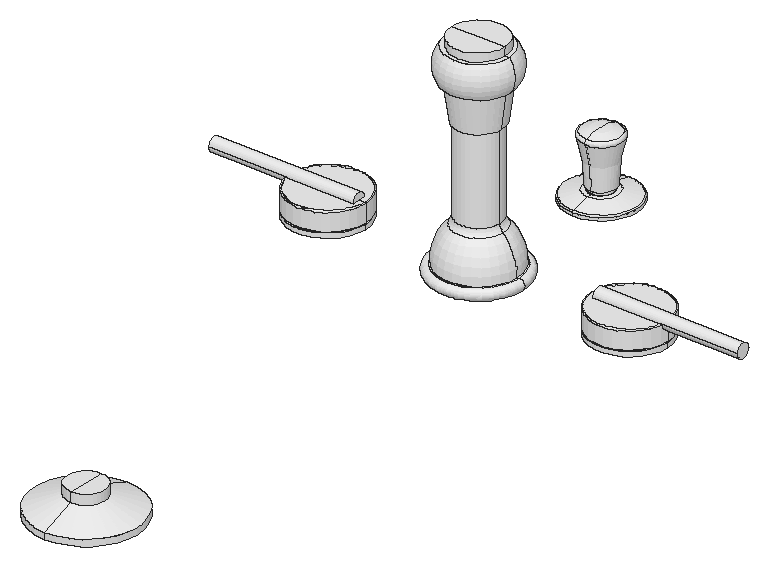
Revit family "Faucet-Bidet-DXV-Rem-D35100330_Series", category Plumbing Fixtures, Revit 2014
Parameters (values of type "D35100330.100")
  Width = 8"
  Waste Connection = yes
  Warranty Documentation Link = "https://www.dxv.com/-/media/files/dxv/warranty/dxv_warranty_booklet.ashx"
  WFU = 2  # constant formula
  Vent Connection = no
  URL = "http://www.dxv.com/"
  Tempered Water Connection Radius = 1/4"
  Tempered Water Connection Diameter = Tempered Water Connection Radius * 2  # 1/2"
  Revised Date = "26/09/2017"  # constant formula
  Product Page URL = "http://www.dxv.com/Product/rem-bidet-faucet"
  Product Documentation Link = "https://dxv01.blob.core.windows.net/dxv-product-pdf-files/spec_D35100330_DXV_Rem_bidet_faucet_EN.pdf"
  Price = "Prices may vary. Please consult Manufacturer Representative for most up-to-date price list."  # constant formula
  Model = "D35100330.100"
  Material = "Metal-DXV-100-Polished Chrome"
  Manufacturer = "DXV"  # constant formula
  Length = 13"  # constant formula
  Installation Type = "Deck Mounted"  # constant formula
  Hot Water Connection Diameter = 1/2"  # constant formula
  Height = 5 5/8"  # constant formula
  HWFU = 1.5  # constant formula
  HW Connection = yes
  Finish = Metal-DXV-100-Polished Chrome
  Description = "Rem 3-Hole Bidet Faucet"  # constant formula
  Default Elevation = 0"
  Creation Date = "07/02/2014"  # constant formula
  Cold Water Connection Diameter = 1/2"  # constant formula
  CWFU = 1.5  # constant formula
  CW Connection = yes
  Assembly Code = "D2020300"
  ADA Compliant = yes
Types (3): name | Model | Material | Finish
  (no name) | "D35100330.100" | "Metal-DXV-100-Polished Chrome" | Metal-DXV-100-Polished Chrome
  D35100330.144 | "D35100330.144" | "Metal-DXV-144-Brushed Nickel" | Metal-DXV-144-Brushed Nickel
  D35100330.100 | "D35100330.100" | "Metal-DXV-100-Polished Chrome" | Metal-DXV-100-Polished Chrome
Reference planes (in)
  plane 1 "Center (Front/Back)": y = 0
  plane 2: z = 0
  plane 3 "Center (Left/Right)": x = 0
  plane 4: y = -13
  plane 5: y = 4.0625
  plane 6: y = 3.125
  plane 7: y = 5
  plane 8: x = 1.21875
  plane 9: x = -1.21875
  plane 10: z = 5.625
  plane 11: z = 0.75
  plane 12: y = -1
  plane 13: y = 1
  plane 14: x = -4
  plane 15: x = 4
  plane 16: x = -5
  plane 17: x = -3
  plane 18: x = -6.99896
  plane 19: x = 5
  plane 20: x = 3
  plane 21: x = 6.99896
  plane 22: z = 0.62958
Forms (in)
  Revolve 1, solid, material "Metal-DXV-100-Polished Chrome" <- "Finish"
    sketch origin (0, 0.0625, 0) x (0, 1, 0) y (0, 0, 1)
      loop
        line (4, 0) -> (4, 1.70874)
        arc (4, 1.70874) -> (3.75472, 1.68489) -> (3.51864, 1.61422) r 1.27288
        arc (3.51864, 1.61422) -> (3.47233, 1.56976) -> (3.46902, 1.50565) r 0.08716
        arc (3.46902, 1.50565) -> (3.60619, 0.93334) -> (3.63835, 0.3457) r 3.26404
        line (3.63835, 0.3457) -> (3.70923, 0.3457) -> (3.70923, 0.24172) -> (3.6669, 0.24172)
        arc (3.6669, 0.24172) -> (3.61454, 0.23851) -> (3.56295, 0.22896) r 0.42989
        line (3.56295, 0.22896) -> (3.08739, 0.11045)
        arc (3.08739, 0.11045) -> (3.06946, 0.09881) -> (3.0625, 0.0786) r 0.03283
        line (3.0625, 0.0786) -> (3.0625, 0) -> (4, 0)
      axis (4, 0) -> (4, 1.70874)
    angle from 0 to 360
  Revolve 2, solid, material "Metal-DXV-100-Polished Chrome" <- "Finish"
    sketch origin (0, 5, 0) x (0, 1, 0) y (0, 0, 1)
      loop
        line (-18, 0.75) -> (-18.5, 0.75) -> (-18.5, 0.5) -> (-19.36161, 0.16926) -> (-19.36161, 0) -> (-18, 0) -> (-18, 0.75)
      axis (-18, 0) -> (-18, 0.75)
    angle from 0 to 360
  Revolve 3, solid, material "Metal-DXV-100-Polished Chrome" <- "Finish"
    sketch origin (0, 0, 0) x (1, 0, 0) y (0, 0, 1)
      loop
        line (0, 0) -> (0, 5.625) -> (-0.69991, 5.625) -> (-0.69991, 5.41878) -> (-0.81769, 5.41878)
        arc (-0.81769, 5.41878) -> (-0.97582, 5.01667) -> (-0.86318, 4.59952) r 0.68845
        line (-0.86318, 4.59952) -> (-0.74944, 4.59952) -> (-0.61527, 3.64482) -> (-0.56193, 3.64482) -> (-0.56193, 1.39312)
        arc (-0.56193, 1.39312) -> (-0.58316, 1.28847) -> (-0.64348, 1.20036) r 0.26859
        arc (-0.64348, 1.20036) -> (-0.92943, 0.76894) -> (-1.00941, 0.25757) r 1.2125
        line (-1.00941, 0.25757) -> (-1.05505, 0.25757)
        arc (-1.05505, 0.25757) -> (-1.2038, 0.16419) -> (-1.14144, 0) r 0.13853
        line (-1.14144, 0) -> (0, 0)
      axis (0, 5.625) -> (0, 0)
    angle from 0 to 360
  Revolve 4, solid, material "Metal-DXV-100-Polished Chrome" <- "Finish"
    sketch origin (-4.49296, 0, 0) x (-1, 0, 0) y (0, 0, 1)
      loop
        line (-8.49296, 0) -> (-7.49296, 0) -> (-7.49296, 0.1193) -> (-7.535, 0.1193) -> (-7.535, 0.15511) -> (-7.49296, 0.15511) -> (-7.49296, 0.60414)
        arc (-7.49296, 0.60414) -> (-7.50041, 0.62213) -> (-7.51839, 0.62958) r 0.02543
        line (-7.51839, 0.62958) -> (-8.49296, 0.62958) -> (-8.49296, 0)
      axis (-8.49296, 0.62958) -> (-8.49296, 0)
    angle from 0 to 360
  Extrusion 5, solid, material "Metal-DXV-100-Polished Chrome" <- "Finish"
    sketch origin (0, 0, 0) x (0, 1, 0) y (0, 0, 1)
      loop
        circle (0, 0.62958) r 0.17876
    from 3.17258 to 6.99896
  Revolve 6, solid, material "Metal-DXV-100-Polished Chrome" <- "Finish"
    sketch origin (4.49296, 0, 0) x (1, 0, 0) y (0, 0, -1)
      loop
        line (-8.49296, 0) -> (-8.49296, -0.62958) -> (-7.51839, -0.62958)
        arc (-7.51839, -0.62958) -> (-7.50041, -0.62213) -> (-7.49296, -0.60414) r 0.02543
        line (-7.49296, -0.60414) -> (-7.49296, -0.15511) -> (-7.535, -0.15511) -> (-7.535, -0.1193) -> (-7.49296, -0.1193) -> (-7.49296, 0) -> (-8.49296, 0)
      axis (-8.49296, -0.62958) -> (-8.49296, 0)
    angle from 0 to 360
  Extrusion 7, solid, material "Metal-DXV-100-Polished Chrome" <- "Finish"
    sketch origin (0, 0, 0) x (0, 1, 0) y (0, 0, -1)
      loop
        circle (0, -0.62958) r 0.17876
    from 3.17258 to 6.99896
Cuts and joins
  joined: Revolve 1, Revolve 2, Revolve 3, Revolve 4, Extrusion 5
  joined: Revolve 6, Extrusion 7
Lines and regions (in)
  Masking region 1
    outline origin (0, 0, 0) x (1, 0, 0) y (0, 1, 0)
      loop
        circle (0, 4.0625) r 0.9375
      loop
        circle (0, 0) r 1.21875
      loop
        line (4.98389, -0.17876) -> (6.99896, -0.17876) -> (6.99896, 0) -> (6.99896, 0.17876) -> (4.98389, 0.17876)
        arc (4.98389, 0.17876) -> (3, 0) -> (4.98389, -0.17876) r 1
      loop
        arc (-4.98389, -0.17876) -> (-3, 0) -> (-4.98389, 0.17876) r 1
        line (-4.98389, 0.17876) -> (-6.99896, 0.17876) -> (-6.99896, 0) -> (-6.99896, -0.17876) -> (-4.98389, -0.17876)
      loop
        circle (0, -13) r 1.36161
  symbolic lines, style "PlumbingFixtures", detail levels fine
    curve 1: circle (0, 4.0625, 0) r 0.70406 normal (0, 0, 1)
    curve 4: circle (0, 0, 0) r 0.98325 normal (0, 0, -1)
    curve 7: circle (0, -13, 0) r 0.5 normal (0, 0, -1)
  symbolic lines, style "PlumbingFixtures", detail levels medium+fine
    curve 2: circle (0, 4.0625, 0) r 0.29077 normal (0, 0, -1)
    curve 3: line (-3.17258, -0.17876, 0) -> (-3.17258, 0.17876, 0)
    curve 5: circle (0, 0, 0) r 0.56193 normal (0, 0, -1)
    curve 6: line (-3.17258, 0.17876, 0) -> (-4.99272, 0.17876, 0)
    curve 8: line (-4.99272, -0.17876, 0) -> (-3.17258, -0.17876, 0)
    curve 9: line (3.17258, -0.17876, 0) -> (3.17258, 0.17876, 0)
    curve 10: line (3.17258, 0.17876, 0) -> (4.99272, 0.17876, 0)
    curve 11: line (4.99272, -0.17876, 0) -> (3.17258, -0.17876, 0)
Dimensions and locks (in)
  "Height": plane 10 to plane 2
  plane 9 to plane 8 = 2 7/16"
  "Length": plane 1 "Center (Front/Back)" to plane 4
  equal spacing: plane 14, plane 3 "Center (Left/Right)", plane 15
  "Width": plane 15 to plane 14
  equal spacing: plane 16, plane 14, plane 17
  locked: plane 16 to plane 17 at 2
  locked: plane 18 to plane 14 at 2.99896
  locked: plane 17 to Extrusion 7 at 0.17258
  equal spacing: plane 20, plane 15, plane 19
  locked: plane 20 to plane 19 at 2
  locked: plane 21 to plane 15 at 2.99896
  locked: cut or joined group of Revolve 1, Revolve 2, Revolve 3, Revolve 4, Extrusion 5 to plane 15 at 0.82742
  locked: plane 22 to level at 0.62958
  diameter of Extrusion 7 sketch curve = 0.35753"
  diameter of Extrusion 5 sketch curve = 0.35753"
  aligned and locked: plane 18 to Extrusion 7
  aligned and locked: Extrusion 5 to plane 21
  aligned and locked: plane 1 "Center (Front/Back)" to Extrusion 7 sketch curve
  aligned and locked: plane 22 to Extrusion 7 sketch curve
  aligned and locked: plane 22 to Extrusion 5 sketch curve
  aligned and locked: plane 1 "Center (Front/Back)" to Extrusion 5 sketch curve
  aligned and locked: plane 22 to Revolve 4 sketch curve
  aligned and locked: Revolve 6 sketch curve to plane 22
  aligned and locked: Extrusion 7 to curve 3
  aligned and locked: curve 9 to cut or joined group of Revolve 1, Revolve 2, Revolve 3, Revolve 4, Extrusion 5
  aligned and locked: curve 10 to cut or joined group of Revolve 1, Revolve 2, Revolve 3, Revolve 4, Extrusion 5
  aligned and locked: curve 11 to cut or joined group of Revolve 1, Revolve 2, Revolve 3, Revolve 4, Extrusion 5
  aligned and locked: curve 6 to cut or joined group of Revolve 6, Extrusion 7
  aligned and locked: curve 8 to cut or joined group of Revolve 6, Extrusion 7
  aligned and locked: curve 6 to Masking region 1 sketch curve
  aligned and locked: Masking region 1 sketch curve to curve 8
  aligned and locked: curve 10 to Masking region 1 sketch curve
  aligned and locked: Masking region 1 sketch curve to curve 11
Automatic sketch dimensions
  Revolve 2 sketch curve to level = 0"
  Revolve 2 sketch curve to plane 11 = 0"  (x2)
  Revolve 2 sketch curve to plane 4 = 0"  (x2)
  plane 4 to Revolve 2 sketch curve = 1/2"
  Revolve 2 sketch curve to Revolve 2 sketch curve = 0.86161"
  Revolve 2 sketch curve to Revolve 2 sketch curve = 0.16926"
  Revolve 2 sketch curve to plane 11 = 1/4"
  Revolve 2 sketch curve to Revolve 2 sketch curve = 0.34007"
  Revolve 3 sketch curve to level = 0"
  Revolve 3 sketch curve to plane 10 = 0"
  Revolve 3 sketch curve to plane 3 "Center (Left/Right)" = 0"  (x2)
  Revolve 3 sketch curve to plane 3 "Center (Left/Right)" = 0.28843"
  Revolve 3 sketch curve to plane 3 "Center (Left/Right)" = 0.56193"
  Revolve 3 sketch curve to Revolve 3 sketch curve = 0.05334"
  Revolve 3 sketch curve to plane 9 = 0.51884"
  Revolve 3 sketch curve to plane 9 = 0.46931"
  Revolve 3 sketch curve to Revolve 3 sketch curve = 0.11778"
  Revolve 3 sketch curve to Revolve 3 sketch curve = 0.26859"
  Revolve 3 sketch curve to Revolve 3 sketch curve = 0.11374"
  Revolve 3 sketch curve to plane 9 = 0.20934"
  Revolve 3 sketch curve to Revolve 3 sketch curve = 0.04564"
  Revolve 3 sketch curve to Revolve 3 sketch curve = 0.01741"
  Revolve 3 sketch curve to plane 9 = 0.07731"
  plane 3 "Center (Left/Right)" to Revolve 3 sketch curve = 0.20091"
  level to Revolve 3 sketch curve = 0.12014"
  level to Revolve 3 sketch curve = 0.33021"
  plane 11 to Revolve 3 sketch curve = 0.64312"
  Revolve 3 sketch curve to plane 10 = 1.98018"
  Revolve 3 sketch curve to Revolve 3 sketch curve = 0.9547"
  Revolve 3 sketch curve to Revolve 3 sketch curve = 0.37898"
  Revolve 3 sketch curve to Revolve 3 sketch curve = 0.81753"
  Revolve 3 sketch curve to Revolve 3 sketch curve = 0.2803"
  Revolve 4 sketch curve to level = 0"
  level to Revolve 4 sketch curve = 0.1193"
  Revolve 4 sketch curve to Revolve 4 sketch curve = 0.03582"
  Revolve 4 sketch curve to plane 11 = 0.14586"
  Revolve 4 sketch curve to Revolve 4 sketch curve = 0.04854"
  Revolve 4 sketch curve to Revolve 4 sketch curve = 0.0461"
  Revolve 6 sketch curve to level = 0"
  level to Revolve 6 sketch curve = 0.1193"
  Revolve 6 sketch curve to Revolve 6 sketch curve = 0.03582"
  Revolve 6 sketch curve to plane 11 = 0.14586"
  Revolve 6 sketch curve to Revolve 6 sketch curve = 0.04854"
  Revolve 6 sketch curve to Revolve 6 sketch curve = 0.0461"
  Revolve 6 sketch curve to Revolve 6 sketch curve = 0.95796"
  Revolve 6 sketch curve to Revolve 6 sketch curve = 0"
  Revolve 4 sketch curve to Revolve 4 sketch curve = 0.95796"
  Revolve 4 sketch curve to Revolve 4 sketch curve = 0"
  plane 14 to Revolve 6 sketch curve = 0"
  Revolve 6 sketch curve to Revolve 6 sketch curve = 0.0166"
  Revolve 6 sketch curve to Revolve 6 sketch curve = 0.04204"
  Revolve 4 sketch curve to plane 15 = 0"
  Revolve 4 sketch curve to Revolve 4 sketch curve = 0.0166"
  Revolve 4 sketch curve to Revolve 4 sketch curve = 0.04204"
  Revolve 1 sketch curve to plane 6 = 0"
  Revolve 1 sketch curve to plane 5 = 0"  (x2)
  Revolve 1 sketch curve to level = 0"
  Revolve 1 sketch curve to plane 1 "Center (Front/Back)" = 0.43888"
  Revolve 1 sketch curve to plane 6 = 0.02489"
  Revolve 1 sketch curve to Revolve 1 sketch curve = 0.03283"
  plane 5 to Revolve 1 sketch curve = 0.4484"
  plane 5 to Revolve 1 sketch curve = 0.43705"
  Revolve 1 sketch curve to Revolve 1 sketch curve = 0.0754"
  plane 5 to Revolve 1 sketch curve = 0.3331"
  Revolve 1 sketch curve to Revolve 1 sketch curve = 0.04233"
  Revolve 1 sketch curve to level = 0.18817"
  Revolve 1 sketch curve to Revolve 1 sketch curve = 0.0786"
  level to Revolve 1 sketch curve = 0.22896"
  Revolve 1 sketch curve to Revolve 1 sketch curve = 0.10398"
  Revolve 1 sketch curve to Revolve 1 sketch curve = 0.09016"
  Revolve 1 sketch curve to plane 11 = 0.28816"
  plane 11 to Revolve 1 sketch curve = 0.78353"
  Revolve 1 sketch curve to Revolve 1 sketch curve = 0.17521"
  Revolve 1 sketch curve to Revolve 1 sketch curve = 0"
  Revolve 1 sketch curve to Revolve 1 sketch curve = 0.29126"
  Revolve 1 sketch curve to Revolve 1 sketch curve = 0.30937"
  curve 1 to curve 2 = 0"  (x2)
  curve 4 to curve 5 = 0"  (x2)
  curve 2 to plane 3 "Center (Left/Right)" = 0"
  curve 7 to plane 3 "Center (Left/Right)" = 0"
  plane 1 "Center (Front/Back)" to curve 5 = 0"
  curve 5 to plane 3 "Center (Left/Right)" = 0"
  plane 4 to curve 7 = 0"
  plane 5 to curve 1 = 0"
  curve 8 to plane 16 = 0.00728"
  curve 6 to plane 16 = 0.00728"
  curve 11 to plane 19 = 0.00728"
  curve 10 to plane 19 = 0.00728"
  plane 1 "Center (Front/Back)" to Masking region 1 sketch curve = 0"  (x5)
  Masking region 1 sketch curve to plane 18 = 0"
  Masking region 1 sketch curve to plane 14 = 0"
  Masking region 1 sketch curve to plane 3 "Center (Left/Right)" = 0"  (x3)
  Masking region 1 sketch curve to plane 15 = 0"
  Masking region 1 sketch curve to plane 21 = 0"
  plane 4 to Masking region 1 sketch curve = 0"
  plane 5 to Masking region 1 sketch curve = 0"
  Masking region 1 sketch curve to plane 16 = 0.01611"
  Masking region 1 sketch curve to plane 19 = 0.01611"
  radius of curve 1 = 0.70406"
  radius of curve 2 = 0.29077"
  radius of curve 4 = 0.98325"
  radius of curve 5 = 0.56193"
  radius of curve 7 = 1/2"
  radius of Masking region 1 sketch curve = 15/16"
  radius of Masking region 1 sketch curve = 1 7/32"
  radius of Masking region 1 sketch curve = 1.36161"
Connectors (in)
  piping at (-4, 0, 0), diameter 0.5, driven by "HWFU", driven by "Cold Water Connection Diameter"
    settings: on cut or joined group of Revolve 6, Extrusion 7, index 5, connector inside diameter 24", connector length 0", flow factor 0, pipe flow 0 GPM, pressure drop 0.00 psi, fitting loss kfactor 0, connector angle 0.00°, fixture units 1.5, engagement length 0", angle of deflection 0.00°, flow configuration 3, flow direction 1, fitting loss method 0, system type 19, joint type 0, gender type 0, connector reference index -1, connector utility 0, adjustable connector no, is connector primary yes, connector description "1/2\" HW Inlet"
  piping at (4, 0, 0), diameter 0.5, driven by "CWFU", driven by "Cold Water Connection Diameter"
    settings: on cut or joined group of Revolve 1, Revolve 2, Revolve 3, Revolve 4, Extrusion 5, index 6, connector inside diameter 24", connector length 0", flow factor 0, pipe flow 0 GPM, pressure drop 0.00 psi, fitting loss kfactor 0, connector angle 0.00°, fixture units 1.5, engagement length 0", angle of deflection 0.00°, flow configuration 3, flow direction 1, fitting loss method 0, system type 20, joint type 0, gender type 0, connector reference index -1, connector utility 0, adjustable connector no, is connector primary no, connector description "1/2\" CW Inlet"
  piping at (0, -13, 0), diameter 0.5, driven by "Tempered Water Connection Diameter"
    settings: on cut or joined group of Revolve 1, Revolve 2, Revolve 3, Revolve 4, Extrusion 5, index 8, connector inside diameter 24", connector length 0", flow factor 0, pipe flow 0 GPM, pressure drop 0.00 psi, fitting loss kfactor 0, connector angle 0.00°, fixture units 0, engagement length 0", angle of deflection 0.00°, flow configuration 0, flow direction 1, fitting loss method 0, system type 29, joint type 0, gender type 0, connector reference index -1, connector utility 0, adjustable connector no, is connector primary no, connector description "1/2\" Supply Inlet"
